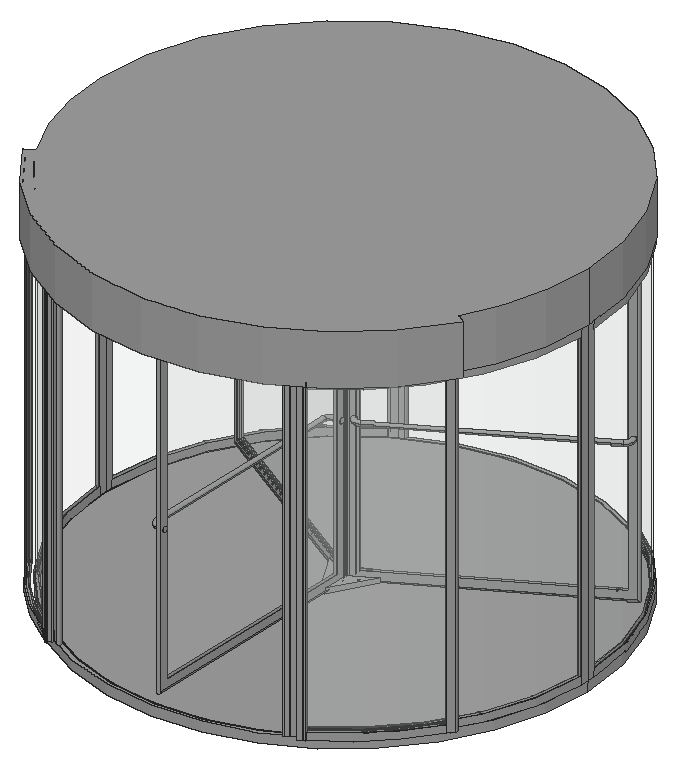
Revit family "agtatec_Record_RlvngDrsetSym_K31_Standalone", category Doors, Revit 2012 (continued)
Definition of nested family "Night Shutter Right"
  Forms (mm)
    Sweep 4, solid, material "agtatec_Record_Revolving Door, Laminated Safety Glass (Clear)", not visible
      path origin (0, 0, 0) x (0.920505, 0.390731, 0) y (-0.390731, 0.920505, 0)
        loop
          arc (-2206.913, -1261.467) -> (-1803.859, -1791.049) -> (-1277.163, -2197.867) r 2542
      profile origin (-960.643, -2353.493, 0) x (0.377908, 0.925843, 0) y (0, 0, 1)
        loop
          line (21, 43) -> (21, 2226) -> (11, 2226) -> (11, 43) -> (21, 43)
    Extrusion 5, solid, material "agtatec_Record_Revolving Door, Aluminium" <- "Panel Frames"
      sketch origin (0, 0, 0) x (0, -1, 0) y (1, 0, 0)
        loop
          line (1200, -3) -> (1199, -3) -> (1199, 0) -> (1175, 0) -> (1175, -3) -> (1174, -3) -> (1174, -53) -> (1177, -53) -> (1177, -33) -> (1197, -33) -> (1197, -53) -> (1200, -53) -> (1200, -3)
      from 10 to 2256
    Extrusion 6, solid, material "agtatec_Record_Revolving Door, Aluminium" <- "Panel Frames"
      sketch origin (0, 0, 0) x (-0.48481, -0.87462, 0) y (0.87462, -0.48481, 0)
        loop
          line (1200, 1) -> (1200, 53) -> (1197, 53) -> (1197, 33) -> (1177, 33) -> (1177, 53) -> (1174, 53) -> (1174, 1)
          arc (1174, 1) -> (1187, -12) -> (1200, 1) r 13
      from 10 to 2256
    Sweep 7, solid, material "agtatec_Record_Revolving Door, Aluminium" <- "Panel Frames"
      path origin (0, 0, 0) x (1, 0, 0) y (0, 1, 0)
        loop
          arc (-53, -1198.829) -> (-300.456, -1161.777) -> (-534.849, -1074.214) r 1200
      profile origin (-300.456, -1161.777, 0) x (-0.25038, -0.968148, 0) y (0, 0, 1)
        loop
          line (0, 10) -> (0, 63) -> (-3, 63) -> (-3, 43) -> (-23, 43) -> (-23, 63) -> (-26, 63) -> (-26, 10) -> (0, 10)
    Sweep 8, solid, material "agtatec_Record_Revolving Door, Aluminium" <- "Panel Frames"
      path origin (-2636.748, -4572, 2256) x (-1, 0, 0) y (0, -1, 0)
        loop
          arc (-2583.748, -3373.171) -> (-2336.292, -3410.223) -> (-2101.899, -3497.786) r 1200
      profile origin (-300.456, -1161.777, 2256) x (-0.25038, -0.968148, 0) y (0, 0, 1)
        loop
          line (0, 0) -> (-26, 0) -> (-26, -53) -> (-23, -53) -> (-23, -33) -> (-3, -33) -> (-3, -53) -> (0, -53) -> (0, 0)
    Sweep 9, solid, material "agtatec_Record_Revolving Door, Laminated Safety Glass (Clear)" <- "Night Shutter Panel Fill"
      path origin (0, 0, 0) x (1, 0, 0) y (0, 1, 0)
        loop
          arc (-33, -1199.546) -> (-300.456, -1161.777) -> (-552.689, -1065.145) r 1200
      profile origin (-300.456, -1161.777, 0) x (-0.25038, -0.968148, 0) y (0, 0, 1)
        loop
          line (-5, 43) -> (-5, 2223) -> (-15, 2223) -> (-15, 43) -> (-5, 43)
  Lines and regions (mm)
    Masking region 1
      outline origin (0, 0, 0) x (1, 0, 0) y (0, 1, 0)
        loop
          line (0, -1174) -> (-53, -1174) -> (-53, -1200) -> (0, -1200) -> (0, -1174)
    Masking region 2
      outline origin (0, 0, 0) x (1, 0, 0) y (0, 1, 0)
        loop
          line (-522.812, -1052.498) -> (-568.292, -1027.288)
          arc (-568.292, -1027.288) -> (-585.964, -1032.356) -> (-580.897, -1050.028) r 13
          line (-580.897, -1050.028) -> (-535.417, -1075.239) -> (-522.812, -1052.498)
    Masking region 3
      outline origin (0, 0, 0) x (1, 0, 0) y (0, 1, 0)
        loop
          line (-53, -1198.829) -> (-51.852, -1172.854)
          arc (-51.852, -1172.854) -> (-293.946, -1136.605) -> (-523.261, -1050.94) r 1174
          line (-523.261, -1050.94) -> (-534.849, -1074.214)
          arc (-534.849, -1074.214) -> (-300.456, -1161.777) -> (-53, -1198.829) r 1200
    reference lines, not visible
      curve 1: arc (-1564.719, -2003.352, 0) -> (-975.899, -2347.208, 0) -> (-316.86, -2522.174, 0) r 2542
      curve 2: line (0, 0, 0) -> (-1564.719, -2003.352, 0)
      curve 3: line (0, 0, 0) -> (-316.86, -2522.174, 0)
    reference lines
      curve 4: arc (0, -1200, 0) -> (-300.456, -1161.777, 0) -> (-581.772, -1049.544, 0) r 1200
      curve 5: line (0, 0, 0) -> (0, -1200, 0)
      curve 6: line (0, 0, 0) -> (-581.772, -1049.544, 0)
    symbolic lines, detail levels medium+fine
      curve 7: line (-53, -1174, 0) -> (-53, -1200, 0)
      curve 8: line (-535.417, -1075.239, 0) -> (-522.812, -1052.498, 0)
    symbolic lines, detail levels fine
      curve 9: arc (-53, -1183.814, 0) -> (-296.7, -1147.255, 0) -> (-527.57, -1061.082, 0) r 1185
      curve 10: arc (-53, -1193.824, 0) -> (-299.204, -1156.936, 0) -> (-532.423, -1069.837, 0) r 1195
  Dimensions and locks
    "Passage Height": plane 4 "Top Plane" to plane 2
    "Canopy Height": plane 5 to plane 4 "Top Plane"
    locked: plane 6 to level at 10
    "Height of Floor Frame": level to plane 8
    locked: plane 7 to plane 4 "Top Plane" at 56
    radius of curve 1 = 2542.00 mm
    "Night Shutters Radius": radius of curve 4
    locked: curve 2 to curve 3 (angle 30.8311°)
    locked: curve 6 to curve 5 (angle 29.00°)
    aligned and locked: level to plane 2
    aligned and locked: Sweep 4 sketch curve to Sweep 3
    aligned and locked: Extrusion 2 to Sweep 4 sketch curve
    aligned and locked: Sweep 4 sketch curve to curve 1
    aligned and locked: Sweep 4 sketch curve to Extrusion 1
    aligned and locked: Sweep 3 sketch curve to curve 1
    aligned and locked: Extrusion 1 to Sweep 3 sketch curve
    aligned and locked: Extrusion 2 to Sweep 3 sketch curve
    aligned and locked: Extrusion 5 to plane 6
    aligned and locked: plane 7 to Extrusion 5
    aligned and locked: Sweep 7 sketch curve to curve 4
    aligned and locked: Extrusion 6 to Sweep 7 sketch curve
    aligned and locked: Extrusion 5 to Sweep 7 sketch curve
    aligned and locked: Sweep 7 to plane 6
    aligned and locked: Extrusion 6 to Sweep 7
    aligned and locked: plane 7 to Extrusion 6
    aligned and locked: Sweep 8 sketch curve to curve 4
    aligned and locked: Extrusion 6 to Sweep 8 sketch curve
    aligned and locked: Extrusion 5 to Sweep 8 sketch curve
    aligned and locked: Sweep 9 sketch curve to curve 4
    aligned and locked: Extrusion 5 to Sweep 9 sketch curve
    aligned and locked: Sweep 9 sketch curve to Extrusion 6
    aligned and locked: Sweep 7 to Sweep 9 sketch curve
    aligned and locked: Sweep 9 sketch curve to Sweep 8
    aligned and locked: Masking region 1 sketch curve to Extrusion 5  (x4)
    aligned and locked: Masking region 2 sketch curve to Extrusion 6  (x3)
    aligned and locked: Masking region 3 sketch curve to Sweep 7  (x4)
    aligned and locked: curve 7 to Masking region 1
    aligned and locked: Extrusion 5 to curve 7
    aligned and locked: curve 7 to Extrusion 5
    aligned and locked: curve 8 to Masking region 2
    aligned and locked: curve 8 to Extrusion 6
    aligned and locked: Extrusion 6 to curve 8
    aligned and locked: curve 9 to Sweep 9
    aligned and locked: curve 10 to Sweep 9
    aligned and locked: curve 8 to curve 9
    aligned and locked: curve 8 to curve 10
  Automatic sketch dimensions
    curve 2 to Extrusion 1 sketch curve = 0.00 mm
    curve 2 to Extrusion 1 sketch curve = 1.00 mm
    curve 2 to Extrusion 1 sketch curve = 53.00 mm
    Extrusion 1 sketch curve to curve 2 = 3.00 mm
    Extrusion 1 sketch curve to Extrusion 1 sketch curve = 13.00 mm
    Extrusion 1 sketch curve to Extrusion 1 sketch curve = 20.00 mm  (x2)
    curve 2 to Extrusion 1 sketch curve = 33.00 mm
    Extrusion 2 sketch curve to curve 3 = 0.00 mm
    Extrusion 2 sketch curve to curve 3 = 30.00 mm
    Extrusion 2 sketch curve to Extrusion 2 sketch curve = 3.00 mm  (x3)
    Extrusion 2 sketch curve to Extrusion 2 sketch curve = 1.00 mm
    Extrusion 2 sketch curve to curve 3 = 3.00 mm
    Extrusion 2 sketch curve to curve 3 = 0.001 mm
    curve 3 to Extrusion 2 sketch curve = 0.999 mm
    Extrusion 2 sketch curve to curve 3 = 20.00 mm
    curve 3 to Extrusion 2 sketch curve = 20.00 mm
    curve 3 to Extrusion 2 sketch curve = 33.00 mm  (x2)
    curve 3 to Extrusion 2 sketch curve = 36.00 mm
    Extrusion 2 sketch curve to Extrusion 2 sketch curve = 17.00 mm
    curve 3 to Extrusion 2 sketch curve = 53.00 mm
    Sweep 3 sketch curve to profile plane = 0.00 mm
    profile plane to Sweep 3 sketch curve = 3.00 mm
    Sweep 3 sketch curve to Sweep 3 sketch curve = 20.00 mm  (x3)
    Sweep 3 sketch curve to Sweep 3 sketch curve = 3.00 mm
    Sweep 4 sketch curve to profile plane = 11.00 mm
    Sweep 4 sketch curve to Sweep 4 sketch curve = 10.00 mm
    profile plane to Sweep 3 sketch curve = 10.00 mm
    profile plane to Sweep 3 sketch curve = 43.00 mm
    Sweep 4 sketch curve to Sweep 4 sketch curve = 2183.00 mm
    curve 5 to plane 3 "Center (Left/Right)" = 0.00 mm  (x2)
    plane 1 "Center (Front/Back)" to curve 6 = 0.00 mm
    plane 1 "Center (Front/Back)" to curve 4 = 0.00 mm
    curve 4 to plane 3 "Center (Left/Right)" = 0.00 mm
    Extrusion 6 sketch curve to curve 6 = 1.00 mm
    curve 6 to Extrusion 6 sketch curve = 0.00 mm
    curve 6 to Extrusion 6 sketch curve = 53.00 mm
    Extrusion 6 sketch curve to Extrusion 6 sketch curve = 3.00 mm
    Extrusion 6 sketch curve to curve 6 = 3.00 mm
    curve 6 to Extrusion 6 sketch curve = 33.00 mm
    Extrusion 6 sketch curve to Extrusion 6 sketch curve = 20.00 mm
    Extrusion 6 sketch curve to Extrusion 6 sketch curve = 13.00 mm
    level to Sweep 7 sketch curve = 10.00 mm
    Sweep 7 sketch curve to profile plane = 0.00 mm
    profile plane to Sweep 7 sketch curve = 3.00 mm
    Sweep 7 sketch curve to Sweep 7 sketch curve = 20.00 mm  (x3)
    Sweep 7 sketch curve to Sweep 7 sketch curve = 3.00 mm
    level to Sweep 7 sketch curve = 43.00 mm
    plane 7 to Sweep 8 sketch curve = 0.00 mm
    Sweep 8 sketch curve to profile plane = 0.00 mm
    profile plane to Sweep 8 sketch curve = 3.00 mm
    Sweep 8 sketch curve to Sweep 8 sketch curve = 20.00 mm  (x2)
    Sweep 8 sketch curve to Sweep 8 sketch curve = 3.00 mm
    Sweep 8 sketch curve to plane 7 = 33.00 mm
    Sweep 8 sketch curve to Sweep 8 sketch curve = 0.00 mm
    profile plane to Sweep 9 sketch curve = 5.00 mm
    Sweep 9 sketch curve to Sweep 9 sketch curve = 10.00 mm
    Extrusion 5 sketch curve to curve 5 = 0.00 mm  (x2)
    Extrusion 5 sketch curve to curve 5 = 53.00 mm
    Extrusion 5 sketch curve to curve 5 = 3.00 mm
    Extrusion 5 sketch curve to curve 5 = 1.00 mm
    Extrusion 5 sketch curve to Extrusion 5 sketch curve = 3.00 mm  (x2)
    Extrusion 5 sketch curve to Extrusion 5 sketch curve = 20.00 mm  (x2)
    Extrusion 5 sketch curve to Extrusion 5 sketch curve = 24.00 mm
    Extrusion 5 sketch curve to Extrusion 5 sketch curve = 0.00 mm
    curve 5 to Extrusion 5 sketch curve = 3.00 mm
    Masking region 2 sketch curve to Masking region 2 sketch curve = 45.48 mm
    Masking region 2 sketch curve to Masking region 2 sketch curve = 6.303 mm
    curve 7 to plane 3 "Center (Left/Right)" = 53.00 mm
    curve 6 to curve 8 = 53.00 mm
Definition of nested family "Revolving panels"
  Parameters (values of type "Revolving panels")
    Turnstile cover = Door Leafs Angle > 1.00°  # yes
    Passage Height = 2200.00 mm
    Panel Width = 1216.20 mm
    Panel Height = 2163.00 mm
    Panel Frames = agtatec_Record_Revolving Door, Aluminium
    Leaf Panel Fill = agtatec_Record_Revolving Door, Laminated Safety Glass (Clear)
    Handles = yes
    Door Leafs Angle = 121.00°
  Reference planes
    plane 1 "Center (Front/Back)": y = 0
    plane 2: z = 0
    plane 3 "Center (Left/Right)": x = 0
    plane 4: z = 2163
    plane 5: z = 2113
    plane 6 "2D": z = 90
    plane 7: z = 40
    plane 8: z = 2200
    plane 9: through (0, 0, 1219.2) normal (0.5, 0.866, 0)
    plane 10: through (0, 0, 1219.2) normal (0.5, -0.866, 0)
    plane 11: x = 106.088
    plane 12: x = -106.088
    plane 13: y = -61.25
    plane 14: through (106.088, -61.25, 1219.2) normal (-0.9998, -0.0175, 0)
    plane 15: through (-106.088, -61.25, 1219.2) normal (-0.9998, 0.0175, 0)
  Forms (mm)
    Extrusion 1, solid, material "agtatec_Record_Revolving Door, Aluminium" <- "Panel Frames"
      sketch origin (0, 0, 0) x (1, 0, 0) y (0, 1, 0)
        loop
          circle (0, 0) r 12.5
      from 0 to 2200
    Extrusion 2, solid, material "agtatec_Record_Revolving Door, Aluminium" <- "Panel Frames", visible <- "Turnstile cover"
      sketch origin (0, 0, 0) x (1, 0, 0) y (0, 1, 0)
        loop
          line (-13, 7.506) -> (-13, 191.559) -> (-172.395, -84.521) -> (-13, 7.506)
        loop
          line (13, 7.506) -> (172.395, -84.521) -> (13, 191.559) -> (13, 7.506)
        loop
          line (0, -15.011) -> (-159.395, -107.038) -> (159.395, -107.038) -> (0, -15.011)
      from 40 to 74.93
    Extrusion 3, solid, material "agtatec_Record_Revolving Door, Aluminium" <- "Panel Frames", visible <- "Turnstile cover"
      sketch origin (-1524, -4572, 2200) x (-1, 0, 0) y (0, -1, 0)
        loop
          line (-1696.395, -4487.479) -> (-1537, -4763.559) -> (-1537, -4579.506) -> (-1696.395, -4487.479)
        loop
          line (-1364.605, -4464.962) -> (-1683.395, -4464.962) -> (-1524, -4556.989) -> (-1364.605, -4464.962)
        loop
          line (-1511, -4763.559) -> (-1351.605, -4487.479) -> (-1511, -4579.506) -> (-1511, -4763.559)
      from -40.51 to -72.01
  Lines and regions (mm)
    Masking region 1
      outline origin (0, 0, 0) x (1, 0, 0) y (0, 1, 0)
        loop
          circle (0, 0) r 12.5
    Masking region 2, visible <- "Turnstile cover"
      outline origin (0, 0, 90) x (-1, 0, 0) y (0, -1, 0)
        loop
          line (0, 15.011) -> (159.395, 107.038) -> (-159.395, 107.038) -> (0, 15.011)
        loop
          line (172.395, 84.521) -> (13, -7.506) -> (13, -191.559) -> (172.395, 84.521)
        loop
          line (-172.395, 84.521) -> (-13, -191.559) -> (-13, -7.506) -> (-172.395, 84.521)
    reference lines
      curve 1: line (0, 0, 0) -> (0, 1600, 0)
      curve 2: line (0, 0, 0) -> (0, -1600, 0)
      curve 3: circle (0, 0, 0) r 122.5 normal (0, 0, 1)
      curve 4: line (0, 0, 0) -> (1600, 0, 0)
      curve 5: line (0, 0, 0) -> (-1600, 0, 0)
  Dimensions and locks
    "Panel Height": plane 4 to plane 2
    locked: plane 4 to plane 5 at 50
    locked: plane 6 "2D" to level at 90
    "Passage Height": plane 8 to level
    "Door Leafs Angle": angle nested 2 to plane 14
    "Door Leafs Angle": angle plane 15 to nested 3
    aligned and locked: plane 2 to level
    aligned and locked: Extrusion 1 to level
    aligned and locked: plane 8 to Extrusion 1
    aligned and locked: Masking region 1 sketch curve to Extrusion 1  (x2)
    aligned and locked: Masking region 2 sketch curve to Extrusion 2  (x9)
  Automatic sketch dimensions
    plane 1 "Center (Front/Back)" to Extrusion 1 sketch curve = 0.00 mm
    Extrusion 1 sketch curve to plane 3 "Center (Left/Right)" = 0.00 mm
    plane 1 "Center (Front/Back)" to curve 3 = 0.00 mm
    curve 3 to plane 3 "Center (Left/Right)" = 0.00 mm
    Extrusion 2 sketch curve to plane 9 = 0.00 mm
    Extrusion 2 sketch curve to plane 3 "Center (Left/Right)" = 0.00 mm
    plane 10 to Extrusion 2 sketch curve = 0.00 mm
    Extrusion 2 sketch curve to plane 3 "Center (Left/Right)" = 13.00 mm
    plane 12 to Extrusion 2 sketch curve = 53.307 mm
    plane 13 to Extrusion 2 sketch curve = 23.271 mm  (x2)
    Extrusion 2 sketch curve to Extrusion 2 sketch curve = 13.00 mm  (x2)
    Extrusion 2 sketch curve to plane 1 "Center (Front/Back)" = 7.506 mm
    Extrusion 2 sketch curve to plane 11 = 53.307 mm
    Extrusion 2 sketch curve to Extrusion 2 sketch curve = 22.517 mm
    plane 1 "Center (Front/Back)" to Extrusion 2 sketch curve = 15.011 mm
    Extrusion 2 sketch curve to Extrusion 2 sketch curve = 184.054 mm
    Extrusion 2 sketch curve to Extrusion 2 sketch curve = 0.00 mm
    Extrusion 3 sketch curve to plane 9 = 0.00 mm
    plane 13 to Extrusion 3 sketch curve = 23.271 mm  (x2)
    Extrusion 3 sketch curve to plane 11 = 66.307 mm
    Extrusion 3 sketch curve to Extrusion 3 sketch curve = 13.00 mm  (x2)
    plane 3 "Center (Left/Right)" to Extrusion 3 sketch curve = 13.00 mm
    Extrusion 3 sketch curve to plane 3 "Center (Left/Right)" = 13.00 mm
    plane 12 to Extrusion 3 sketch curve = 53.307 mm
    Extrusion 3 sketch curve to Extrusion 3 sketch curve = 184.054 mm
    Extrusion 3 sketch curve to Extrusion 3 sketch curve = 0.00 mm
    Extrusion 3 sketch curve to Extrusion 3 sketch curve = 22.517 mm
    plane 10 to Extrusion 3 sketch curve = 0.00 mm
    Extrusion 3 sketch curve to plane 3 "Center (Left/Right)" = 0.00 mm
    plane 1 "Center (Front/Back)" to Extrusion 3 sketch curve = 15.011 mm
    curve 5 to plane 1 "Center (Front/Back)" = 0.00 mm
    curve 1 to plane 3 "Center (Left/Right)" = 0.00 mm
    plane 1 "Center (Front/Back)" to curve 5 = 0.00 mm
    curve 2 to plane 3 "Center (Left/Right)" = 0.00 mm
    plane 9 to curve 1 = 1385.641 mm
    curve 5 to plane 9 = 800.00 mm
    curve 2 to plane 9 = 1385.641 mm
    plane 9 to curve 4 = 800.00 mm
    radius of Extrusion 1 sketch curve = 12.50 mm
    radius of curve 3 = 122.50 mm
  Nested families
    nested 1: "Single Panel" at (0, 16, 0) x (0, 1, 0) z (0, 0, 1), type "Single Panel"
    nested 2: "Single Panel" at (13.856, -8, 0) x (0.866, -0.5, 0) z (0, 0, 1), type "Single Panel"
    nested 3: "Single Panel" at (-13.856, -8, 0) x (-0.866, -0.5, 0) z (0, 0, 1), type "Single Panel"
  Definition of nested family "Single Panel"
    Parameters (values of type "Single Panel")
      Panel Width = 1216.20 mm
      Panel Height = 2163.00 mm
      Panel Frames = agtatec_Record_Revolving Door, Aluminium
      Leaf Panel Fill = agtatec_Record_Revolving Door, Laminated Safety Glass (Clear)
      Handles = yes
    Reference planes
      plane 1 "Center (Front/Back)": y = 0
      plane 2: z = 0
      plane 3 "Center (Left/Right)": x = 0
      plane 4: x = 1216.2
      plane 5: z = 2163
      plane 6: x = 1151.2
      plane 7: x = 65
      plane 8: z = 85
      plane 9: x = 1171.2
      plane 10: x = 45
      plane 11: z = 40
      plane 12: z = 2118
      plane 13: x = 36
      plane 14: x = 1180.2
      plane 15 "Handle": z = 1050
      plane 16: x = -16
      plane 17: x = 106.5
      plane 18 "2D": z = 165
    Forms (mm)
      Extrusion 1, solid, material "agtatec_Record_Revolving Door, Laminated Safety Glass (Clear)" <- "Leaf Panel Fill"
        sketch origin (0, -13, 0) x (1, 0, 0) y (0, 1, 0)
          loop
            line (45, 18) -> (45, 8) -> (1171.2, 8) -> (1171.2, 18) -> (45, 18)
        from 85 to 2118
      Sweep 2, solid, material "agtatec_Record_Revolving Door, Aluminium" <- "Panel Frames"
        path origin (0, 0, 0) x (1, 0, 0) y (0, 0, 1)
          loop
            line (0, 40) -> (1216.2, 40) -> (1216.2, 2163) -> (0, 2163) -> (0, 40)
        profile origin (608.1, 0, 40) x (0, 0, 1) y (0, -1, 0)
          loop
            line (65, 10) -> (65, 13) -> (13, 13)
            arc (13, 13) -> (0, 0) -> (13, -13) r 13
            line (13, -13) -> (65, -13) -> (65, -10) -> (45, -10) -> (45, 10) -> (65, 10)
      Sweep 3, solid, material "agtatec_Record_Revolving Door, Aluminium" <- "Panel Frames", visible <- "Handles"
        path origin (-306.496, -4572, 1050) x (-1, 0, 0) y (0, -1, 0)
          loop
            line (-342.496, -4559) -> (-342.496, -4549)
            arc (-342.496, -4549) -> (-355.676, -4517.18) -> (-387.496, -4504) r 45
            line (-387.496, -4504) -> (-1441.696, -4504)
            arc (-1441.696, -4504) -> (-1473.516, -4517.18) -> (-1486.696, -4549) r 45
            line (-1486.696, -4549) -> (-1486.696, -4559)
        profile origin (608.1, -68, 1050) x (0, 1, 0) y (0, 0, 1)
          loop
            circle (0, 0) r 15
      Sweep 4, solid, material "agtatec_Record_Revolving Door, Aluminium" <- "Panel Frames", visible <- "Handles"
        path origin (-306.496, -4572, 1050) x (-1, 0, 0) y (0, -1, 0)
          loop
            line (-342.496, -4585) -> (-342.496, -4595)
        profile origin (36, 18, 1050) x (-1, 0, 0) y (0, 0, 1)
          loop
            circle (0, 0) r 15
      Sweep 5, solid, material "agtatec_Record_Revolving Door, Aluminium" <- "Panel Frames", visible <- "Handles"
        path origin (-306.496, -4572, 1050) x (-1, 0, 0) y (0, -1, 0)
          loop
            line (-1486.696, -4585) -> (-1486.696, -4595)
        profile origin (1180.2, 18, 1050) x (-1, 0, 0) y (0, 0, 1)
          loop
            circle (0, 0) r 15
    Lines and regions (mm)
      Masking region 1
        outline origin (0, 0, 0) x (1, 0, 0) y (0, 1, 0)
          loop
            line (1203.2, 13) -> (13, 13)
            arc (13, 13) -> (0, 0) -> (13, -13) r 13
            line (13, -13) -> (1203.2, -13)
            arc (1203.2, -13) -> (1216.2, 0) -> (1203.2, 13) r 13
      Masking region 2, visible <- "Handles", detail levels medium+fine
        outline origin (-306.496, -4572, 1050) x (-1, 0, 0) y (0, -1, 0)
          loop
            line (-357.496, -4595) -> (-327.496, -4595) -> (-327.496, -4585) -> (-357.496, -4585) -> (-357.496, -4595)
          loop
            line (-1501.696, -4595) -> (-1471.696, -4595) -> (-1471.696, -4585) -> (-1501.696, -4585) -> (-1501.696, -4595)
      Masking region 3, visible <- "Handles", detail levels medium+fine
        outline origin (-306.496, -4572, 1050) x (-1, 0, 0) y (0, -1, 0)
          loop
            line (-327.496, -4559) -> (-327.496, -4549)
            arc (-327.496, -4549) -> (-345.07, -4506.574) -> (-387.496, -4489) r 60
            line (-387.496, -4489) -> (-1441.696, -4489)
            arc (-1441.696, -4489) -> (-1484.123, -4506.574) -> (-1501.696, -4549) r 60
            line (-1501.696, -4549) -> (-1501.696, -4559) -> (-1471.696, -4559) -> (-1471.696, -4549)
            arc (-1471.696, -4549) -> (-1462.909, -4527.787) -> (-1441.696, -4519) r 30
            line (-1441.696, -4519) -> (-387.496, -4519)
            arc (-387.496, -4519) -> (-366.283, -4527.787) -> (-357.496, -4549) r 30
            line (-357.496, -4549) -> (-357.496, -4559) -> (-327.496, -4559)
      reference lines
        curve 1: line (106.5, 0, 0) -> (1151.2, 0, 0)
      symbolic lines, detail levels medium+fine
        curve 2: line (65, 13, 0) -> (65, -13, 0)
        curve 3: line (1151.2, -13, 0) -> (1151.2, 13, 0)
      symbolic lines, detail levels fine
        curve 4: line (1151.2, 5, 0) -> (65, 5, 0)
        curve 5: line (65, -5, 0) -> (1151.2, -5, 0)
    Dimensions and locks
      "Panel Height": plane 5 to plane 2
      "Panel Width": plane 4 to plane 3 "Center (Left/Right)"
      locked: plane 7 to plane 3 "Center (Left/Right)" at 65
      locked: plane 6 to plane 4 at 65
      plane 8 to level = 85.00 mm
      locked: plane 4 to plane 9 at 45
      locked: plane 10 to plane 3 "Center (Left/Right)" at 45
      plane 12 to plane 5 = 45.00 mm
      locked: plane 6 to plane 14 at 29
      locked: plane 7 to plane 13 at 29
      plane 15 "Handle" to level = 1050.00 mm
      Sweep 3 sketch curve to plane 1 "Center (Front/Back)" = 13.00 mm  (x2)
      locked: Sweep 3 sketch curve to plane 1 "Center (Front/Back)" at 68
      aligned and locked: plane 2 to level
      aligned and locked: Extrusion 1 to plane 8
      aligned and locked: Extrusion 1 to plane 9
      aligned and locked: Extrusion 1 to plane 10
      aligned and locked: plane 12 to Extrusion 1
      aligned and locked: Sweep 2 sketch curve to plane 11
      aligned and locked: Sweep 2 sketch curve to plane 4
      aligned and locked: Sweep 2 sketch curve to plane 5
      aligned and locked: Sweep 2 sketch curve to plane 3 "Center (Left/Right)"
      aligned and locked: Sweep 3 sketch curve to plane 13
      aligned and locked: plane 14 to Sweep 3 sketch curve
      aligned and locked: plane 1 "Center (Front/Back)" to curve 1
      aligned and locked: Masking region 1 sketch curve to Sweep 2  (x2)
      aligned and locked: Masking region 2 sketch curve to Sweep 4  (x2)
      aligned and locked: Masking region 2 sketch curve to Sweep 5  (x2)
      aligned and locked: Masking region 3 sketch curve to Sweep 3  (x2)
      aligned and locked: curve 2 to plane 7
      aligned and locked: Extrusion 1 to curve 4
      aligned and locked: Extrusion 1 to curve 5
      aligned and locked: plane 6 to curve 4
      aligned and locked: plane 6 to curve 5
      aligned and locked: plane 7 to curve 5
    Automatic sketch dimensions
      Extrusion 1 sketch curve to plane 10 = 0.00 mm
      Extrusion 1 sketch curve to plane 9 = 0.00 mm
      plane 1 "Center (Front/Back)" to Extrusion 1 sketch curve = 5.00 mm
      Extrusion 1 sketch curve to plane 1 "Center (Front/Back)" = 5.00 mm
      Sweep 2 sketch curve to plane 1 "Center (Front/Back)" = 0.00 mm
      Sweep 2 sketch curve to profile plane = 13.00 mm
      plane 1 "Center (Front/Back)" to Sweep 2 sketch curve = 10.00 mm
      Sweep 2 sketch curve to Sweep 2 sketch curve = 32.00 mm
      Sweep 2 sketch curve to Sweep 2 sketch curve = 20.00 mm  (x2)
      Sweep 2 sketch curve to plane 1 "Center (Front/Back)" = 10.00 mm
      Sweep 2 sketch curve to Sweep 2 sketch curve = 3.00 mm
      plane 6 to Sweep 3 sketch curve = 16.00 mm
      plane 7 to Sweep 3 sketch curve = 16.00 mm
      Sweep 3 sketch curve to plane 15 "Handle" = 0.00 mm
      Sweep 3 sketch curve to profile plane = 0.00 mm
      Sweep 4 sketch curve to plane 13 = 0.00 mm
      Sweep 4 sketch curve to plane 1 "Center (Front/Back)" = 23.00 mm
      Sweep 4 sketch curve to Sweep 4 sketch curve = 10.00 mm
      Sweep 4 sketch curve to plane 15 "Handle" = 0.00 mm
      Sweep 4 sketch curve to profile plane = 0.00 mm
      Sweep 5 sketch curve to plane 14 = 0.00 mm
      Sweep 5 sketch curve to plane 1 "Center (Front/Back)" = 23.00 mm
      Sweep 5 sketch curve to Sweep 5 sketch curve = 10.00 mm
      Sweep 5 sketch curve to plane 15 "Handle" = 0.00 mm
      Sweep 5 sketch curve to profile plane = 0.00 mm
      curve 1 to plane 17 = 0.00 mm
      curve 1 to plane 6 = 0.00 mm
      plane 1 "Center (Front/Back)" to curve 2 = 13.00 mm
      plane 1 "Center (Front/Back)" to curve 3 = 13.00 mm
      plane 1 "Center (Front/Back)" to curve 5 = 5.00 mm
      curve 4 to plane 1 "Center (Front/Back)" = 5.00 mm
      curve 4 to curve 3 = 8.00 mm
      curve 4 to curve 2 = 8.00 mm
      plane 14 to Masking region 2 sketch curve = 15.00 mm
      plane 9 to Masking region 2 sketch curve = 6.00 mm
      plane 10 to Masking region 2 sketch curve = 6.00 mm
      plane 13 to Masking region 2 sketch curve = 15.00 mm
      Masking region 3 sketch curve to Masking region 3 sketch curve = 0.00 mm  (x4)
      plane 14 to Masking region 3 sketch curve = 15.00 mm
      plane 9 to Masking region 3 sketch curve = 6.00 mm
      plane 6 to Masking region 3 sketch curve = 16.00 mm
      plane 7 to Masking region 3 sketch curve = 16.00 mm
      plane 10 to Masking region 3 sketch curve = 6.00 mm
      Masking region 3 sketch curve to Masking region 3 sketch curve = 10.00 mm
      radius of Sweep 3 sketch curve = 15.00 mm
      radius of Sweep 4 sketch curve = 15.00 mm
      radius of Sweep 5 sketch curve = 15.00 mm
Types (3, lengths in mm): name | SecurityRating | HasDrive | GlazingAreaFraction | FireRating | AcousticRating
  (no name) | "n/a" | yes | "n/a" | "n/a" | "n/a"
  Default | "" | no | "" | "" | ""
  default | "n/a" | yes | "n/a" | "n/a" | "n/a"
